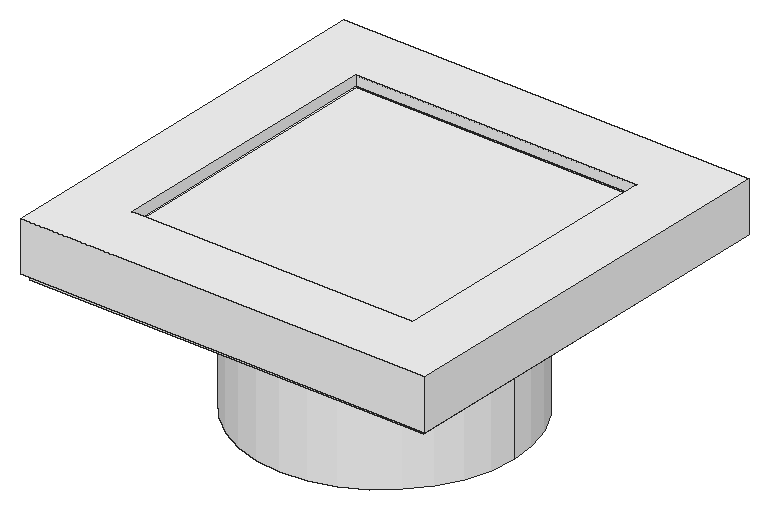
Revit family "Gira_013628", category Electrical Fixtures, host Face, Revit 2017
Family settings
  Host = Face
  Maintain Annotation Orientation = Yes
  Round Connector Dimension = Use Diameter
  Part Type = Normal
  Cut with Voids When Loaded = No
  Shared = No
  Room Calculation Point = No
Parameters (values of type "PB ind.sw. off/2-way System 55 anthra.")
  With mounting plate = "No"
  Wiring system = "Two-way switch"
  White [instance] = White
  Washing machine switch = "No"
  URL = "http://katalog.gira.de/en/datenblatt.html?artikelnr=013628"
  Type of lighting = "Glow lamp"
  Type of fastening = "Mounting with claw and screw"
  Surface protection = "Other"
  Suitable for degree of protection (IP) = "IP20"
  Rated current = "10"
  Push button switch = "Yes"
  Number of rockers = "1"
  Number of modules (module system) = "1"
  Nominal voltage = "250"
  Name = "PB ind.sw. off/2-way System 55 anthra."
  Mounting method = "Flush mounted (plaster)"
  Model = "Sys55_Komplettgerät_Schalten und Tasten"
  Method of operation = "Rocker/button"
  Material quality = "Thermoplastic"
  Material = "Plastic"
  Manufacturer URL = "https://www.gira.de/"
  Manufacturer = "Gira"
  Label space/information surface = "No"
  Illumination = "Yes"
  HeinzeBIM = "https://bimportal.heinze.de/bim/pb-ind-sw-off-2-way-system-55-anthra-/ebf1b9ee681a0a3aa808c86539a05473e6e8b04d"
  Halogen free = "Yes"
  HAN = "013628"
  GTIN = "4010337136286"
  Function lighting = "Illuminated (on)"
  Feedback-signal contact = "No"
  Description = "PB ind.sw.off 2-w Sys55 AN,Pushbutton indicator switch 10 AX 250 V~ with rocker,Universal off 2-way switch,anthracite,Notes :,- Can also be connected with illumination."
  Default Elevation = 1219.2 mm
  Data sheet (1) = "https://katalog.gira.de/en/download.html?artikelnr=013628"
  Connection type = "Plug clamp"
  Colour = "Anthracite"
  Category = "Switch"
  BIM (1) = "https://media.stage.bim.site/public/gira/36a6b08/Sys55_Komplettgerät_Schalten und Tasten.rfa?public/gira/36a6b08/Sys55_Komplettgerät_Schalten und Tasten.rfa"
  Available = "No"
  Assembly arrangement = "Basic element with central cover plate"
Reference planes
  plane 1 "Center (Front/Back)": y = 0
  plane 2: z = 0
  plane 3 "Center (Left/Right)": x = 0
Forms (mm)
  Extrusion 1, solid, material "White" <- "White", detail levels medium
    sketch origin (0, 0, 0) x (1, 0, 0) y (0, 1, 0)
      loop
        line (-40.4, 40.4) -> (-40.4, -40.4) -> (40.4, -40.4) -> (40.4, 40.4) -> (-40.4, 40.4)
      loop
        line (-28, 28) -> (-28, -28) -> (28, -28) -> (28, 28) -> (-28, 28)
    from 0 to 10
  Extrusion 2, solid, material "White" <- "White", detail levels fine
    sketch origin (0, 0, 0) x (1, 0, 0) y (0, 1, 0)
      loop
        line (-40.4, 40.4) -> (-40.4, -40.4) -> (40.4, -40.4) -> (40.4, 40.4) -> (-40.4, 40.4)
      loop
        line (-28, 28) -> (-28, -28) -> (28, -28) -> (28, 28) -> (-28, 28)
    from 0 to 10
  Extrusion 3, void
    sketch origin (0, 0, 0) x (1, 0, 0) y (0, 1, 0)
      loop
        line (-38.4, 38.4) -> (-38.4, -38.4) -> (38.4, -38.4) -> (38.4, 38.4) -> (-38.4, 38.4)
    from 0 to 8
  Extrusion 4, solid, material "White" <- "White", detail levels medium+fine
    sketch origin (0, 0, 0) x (1, 0, 0) y (0, 1, 0)
      loop
        line (-39.4, 39.4) -> (-39.4, -39.4) -> (39.4, -39.4) -> (39.4, 39.4) -> (-39.4, 39.4)
    from 0 to -1
  Extrusion 5, solid, material "White" <- "White", detail levels medium+fine
    sketch origin (0, 0, 0) x (1, 0, 0) y (0, 1, 0)
      loop
        line (-35.5, 35.5) -> (-35.5, -35.5) -> (35.5, -35.5) -> (35.5, 35.5) -> (-35.5, 35.5)
    from -2 to -3
  Extrusion 6, solid, material "White" <- "White", detail levels medium+fine
    sketch origin (0, 0, 0) x (1, 0, 0) y (0, 1, 0)
      loop
        circle (0, 0) r 26
    from 0 to -27.5
  Extrusion 7, solid, material "White" <- "White", detail levels coarse
    sketch origin (0, 0, 0) x (1, 0, 0) y (0, 1, 0)
      loop
        line (-40.4, 40.4) -> (-40.4, -40.4) -> (40.4, -40.4) -> (40.4, 40.4) -> (-40.4, 40.4)
    from -27.5 to 10
Cuts and joins
  Extrusion 3 cuts Extrusion 2
Dimensions and locks
  aligned and locked: plane 2 to host face
  aligned and locked: level to host face
  aligned and locked: plane 3 "Center (Left/Right)" to nested 2
  aligned and locked: plane 1 "Center (Front/Back)" to nested 2
Nested families
  nested 1: "Sys55_Abdeckung_Schalten und Tasten_floor_base" at (0, 0, 0), type "Sys55_Abdeckung_Schalten und Tasten_floor_base"
  nested 2: "Schalter" at (0, 0, 0), type "Schalter"
Connectors
  electrical at (0, 0, -27.5)
    settings: on Extrusion 6, index 1, voltage 220 V, apparent load 0 VA, apparent load phase1 0 VA, apparent load phase2 0 VA, apparent load phase3 0 VA, power factor 1, load classification "Other", number of poles 1, system type 30, power factor state 1, is connector primary yes, connector utility no, sub classification motor no, connector description ""
Definition of nested family "Sys55_Abdeckung_Schalten und Tasten_floor_base"
  Parameters
    Default Elevation = 1219.2 mm
    White [instance] = none
  Reference planes
    plane 1 "Center (Front/Back)": y = 0
    plane 2: z = 0
    plane 3 "Center (Left/Right)": x = 0
  Forms (mm)
    Extrusion 1, solid
      sketch origin (0, 0, 0) x (1, 0, 0) y (0, 1, 0)
        loop
          line (-1219.2, 1219.2) -> (-1219.2, -1219.2) -> (1219.2, -1219.2) -> (1219.2, 1219.2) -> (-1219.2, 1219.2)
      from 0 to -304.8
    Extrusion 2, solid, material <- "White", detail levels fine
      sketch origin (0, 0, 0) x (1, 0, 0) y (0, 1, 0)
        loop
          line (-27.5, 27.5) -> (-27.5, -27.5) -> (27.5, -27.5) -> (27.5, 27.5) -> (-27.5, 27.5)
      from 0 to 8
    Extrusion 3, void
      sketch origin (0, 0, 0) x (1, 0, 0) y (0, 1, 0)
        loop
          line (26, 26) -> (-26, 26) -> (-26, -26) -> (26, -26) -> (26, 26)
      from 0 to 6
    Extrusion 4, solid, material <- "White", detail levels medium
      sketch origin (0, 0, 0) x (1, 0, 0) y (0, 1, 0)
        loop
          line (-27.5, 27.5) -> (-27.5, -27.5) -> (27.5, -27.5) -> (27.5, 27.5) -> (-27.5, 27.5)
      from 0 to 8
    Extrusion 5, solid, material <- "White", detail levels medium
      sketch origin (0, 0, 0) x (1, 0, 0) y (0, 1, 0)
        loop
          line (11, -17.5) -> (11, 17.5) -> (-11, 17.5) -> (-11, -17.5) -> (11, -17.5)
      from -6 to 6
    Extrusion 6, solid, material <- "White", detail levels fine
      sketch origin (0, 0, 0) x (1, 0, 0) y (0, 1, 0)
        loop
          line (11, 17.5) -> (-11, 17.5) -> (-11, 16.5) -> (11, 16.5) -> (11, 17.5)
        loop
          line (-11, -16.5) -> (-11, -17.5) -> (11, -17.5) -> (11, -16.5) -> (-11, -16.5)
      from -4 to 6
    Extrusion 7, solid, material <- "White", detail levels fine
      sketch origin (0, 0, 0) x (1, 0, 0) y (0, 1, 0)
        loop
          arc (5, 9.347) -> (0, 10.6) -> (-5, 9.347) r 10.6
          line (-5, 9.347) -> (-5, -9.347)
          arc (-5, -9.347) -> (0, -10.6) -> (5, -9.347) r 10.6
          line (5, -9.347) -> (5, 9.347)
      from -6 to 6
    Extrusion 8, solid, material <- "White", detail levels coarse
      sketch origin (0, 0, 0) x (1, 0, 0) y (0, 1, 0)
        loop
          line (-27.5, 27.5) -> (-27.5, -27.5) -> (27.5, -27.5) -> (27.5, 27.5) -> (-27.5, 27.5)
      from -6 to 8
  Cuts and joins
    Extrusion 3 cuts Extrusion 2
  Dimensions and locks
    aligned and locked: plane 2 to Extrusion 1
    aligned and locked: level to Extrusion 1
Definition of nested family "Schalter"
  Reference planes
    plane 1: y = 0
    plane 2: x = 0
  Lines and regions (mm)
    detail lines
      curve 1: circle (1.375, 2.778, 0) r 0.8 normal (0, 0, 1)
      curve 2: line (1.021, 2.061, 0) -> (0, 0, 0)
      curve 3: line (0, 0, 0) -> (-0.538, 0.266, 0)
  Dimensions and locks
    curve 2 to curve 2 = 2.3 mm
    curve 3 to curve 2 = 0.6 mm
    radius of curve 1 = 0.8 mm
